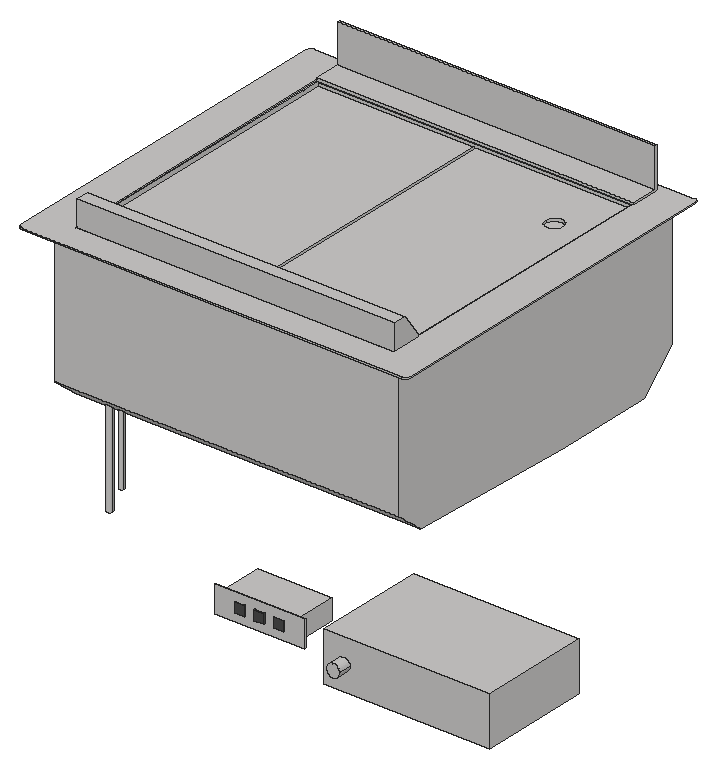
Revit family "QF_ELECTROLUXPROFESSIONAL_341098_D12R2", category Specialty Equipment, Revit 2018
Family settings
  Round Connector Dimension = Use Diameter
  Part Type = Normal
  Work Plane-Based = No
  Always vertical = Yes
  Cut with Voids When Loaded = No
  Shared = No
  Room Calculation Point = No
Parameters (values of type "Standard")
  Weight = 35.70 kg
  Watts = 0 W
  Volts = 220 V
  URL Manufacturer = "http://professional.electrolux.com"
  URL = "http://professional.electrolux.com"
  Steam Supply Size = 0 mm
  Steam Supply Minimum Pressure = 0.0 Pa
  Steam Supply Maximum Pressure = 0.0 Pa
  Steam Pounds per Hour = 0
  Show Clearance [instance] = yes
  Remote Electrical Box_Z [instance] = 200.00 mm
  Remote Electrical Box_Y [instance] = 500.00 mm
  Remote Electrical Box_X [instance] = 600.00 mm
  Refrigeration Suction Line Size = 0.042 mm
  Refrigeration Liquid Line Size = 0.031 mm
  Refrigerant Compressor Remote = yes
  Manufacturer = "Electrolux Professional"
  Phase = 1
  Model = "D12R2"
  Length Actual = 800.00 mm  # constant formula
  Item Number = "341098"
  Hot Water Size = 0 mm
  Height Actual = 390.00 mm  # constant formula
  HP = "0.1 HP"
  Gas Size = 0 mm
  Gas KW = 0
  Gas Input Pressure = 0 W
  Direct Waste Size = 25.4 mm
  Description = "DROP-IN REMOTE, REFRIGERATED WELL, VENTILATED, 2GN"
  Depth Actual = 750.00 mm  # constant formula
  Cycle = 50 Hz
  Controller_Y [instance] = 500.00 mm
  Controller_1Z [instance] = 200.00 mm
  Controller_1X [instance] = 300.00 mm
  Condensate Return Size = 0 mm
  Compressed Air Volume = 0.0 L/s
  Compressed Air Size = 0 mm
  Compressed Air Pressure = 0.0 Pa
  Cold Water Size = 0 mm
  Accessory = yes
Types (2, lengths in mm): name | Volts | URL Manufacturer | URL | Manufacturer | Phase | Model | Item Number | Description | Cycle
  341046.rfa | 0 V | "" | 0.00 | 0.00 | 0 | 0.00 | "" | 0.00 | 0 Hz
  Standard | 220 V | "http://professional.electrolux.com" | "http://professional.electrolux.com" | "Electrolux Professional" | 1 | "D12R2" | "341098" | "DROP-IN REMOTE, REFRIGERATED WELL, VENTILATED, 2GN" | 50 Hz
Reference planes
  plane 1 "Centro (Fronte/Retro)": y = 74.737
  plane 2: z = 0
  plane 3 "BACK": y = 449.737
  plane 4 "FRONT": y = -300.263
  plane 5 "RIGHT": x = -114.269
  plane 6 "LEFT": x = -914.269
  plane 7: x = -514.269
  plane 8 "TOP": z = 900
  plane 9: y = 417.737
  plane 10: y = -268.263
  plane 11: x = -160.769
  plane 12: x = -867.769
  plane 13: y = 418.957
  plane 14: y = -244.483
  plane 15: x = -840.269
  plane 16: x = -188.269
  plane 17: z = 898
  plane 18: x = -789.269
  plane 19: x = -339.269
  plane 20: x = -777.269
  plane 21: x = -351.269
  plane 22: x = -517.269
  plane 23: x = -511.269
  plane 24: x = -837.269
  plane 25: x = -191.269
  plane 26: y = -229.763
  plane 27: y = 404.237
  plane 28: z = 554
  plane 29: z = 220
  plane 30 "1": y = 258.737
  plane 31: x = -285.019
  plane 32: x = -258.269
  plane 33: y = -195.263
  plane 34: y = 344.737
  plane 35: x = -614.269
  plane 36: x = -314.269
  plane 37: y = -50.263
  plane 38: y = -50.263
  plane 39: z = 200
  plane 40: z = 200
Forms (mm)
  Extrusion 1, solid, material "QF_Finishes_Stainless Steel"
    sketch origin (0, 0, 900) x (-1, 0, 0) y (0, -1, 0)
      loop
        arc (904.269, -449.737) -> (911.34, -446.808) -> (914.269, -439.737) r 10
        line (914.269, -439.737) -> (914.269, 290.263)
        arc (914.269, 290.263) -> (911.34, 297.334) -> (904.269, 300.263) r 10
        line (904.269, 300.263) -> (124.269, 300.263)
        arc (124.269, 300.263) -> (117.198, 297.334) -> (114.269, 290.263) r 10
        line (114.269, 290.263) -> (114.269, -439.737)
        arc (114.269, -439.737) -> (117.198, -446.808) -> (124.269, -449.737) r 10
        line (124.269, -449.737) -> (904.269, -449.737)
      loop
        line (840.269, -418.957) -> (840.269, 244.483) -> (188.269, 244.483) -> (188.269, -418.957) -> (840.269, -418.957)
    from 0 to -2
  Extrusion 2, solid, material "QF_Finishes_Stainless Steel"
    sketch origin (231.731, 362.737, 0) x (0, -1, 0) y (0, 0, -1)
      loop
        line (625.5, -614.14) -> (569.68, -567.301) -> (204.019, -554) -> (-4.68, -554) -> (-74.5, -623.82) -> (-74.5, -898) -> (625.5, -898) -> (625.5, -614.14)
    from -1099.5 to -392.5
  Extrusion 3, solid, material "QF_Finishes_Stainless Steel"
    sketch origin (231.731, 362.737, 0) x (0, -1, 0) y (0, 0, -1)
      loop
        line (603, -950.5) -> (603, -898) -> (543, -898) -> (543, -905.079) -> (576, -950.5) -> (603, -950.5)
      loop
        line (-72, -983) -> (-67, -983) -> (-67, -903) -> (-12, -903) -> (-12, -898) -> (-72, -898) -> (-72, -983)
    from -1072 to -420
  Extrusion 4, void
    sketch origin (0, 0, 900) x (-1, 0, 0) y (0, -1, 0)
      loop
        line (837.269, 180.263) -> (191.269, 180.263) -> (191.269, -374.737) -> (837.269, -374.737) -> (837.269, 180.263)
    from 0 to -15
  Extrusion 5, solid, material "QF_Finishes_Stainless Steel"
    sketch origin (0, 0, 900) x (-1, 0, 0) y (0, -1, 0)
      loop
        line (517.269, -374.737) -> (837.269, -374.737) -> (837.269, 180.263) -> (517.269, 180.263) -> (517.269, -374.737)
    from -15 to -10
  Extrusion 6, solid, material "QF_Finishes_Stainless Steel"
    sketch origin (-1028.537, 0, 900) x (1, 0, 0) y (0, 1, 0)
      loop
        line (517.269, 374.737) -> (517.269, -180.263) -> (837.269, -180.263) -> (837.269, 374.737) -> (517.269, 374.737)
    from -15 to -10
  Extrusion 7, solid, material "QF_Finishes_Stainless Steel"
    sketch origin (0, 0, 900) x (-1, 0, 0) y (0, -1, 0)
      loop
        circle (258.269, -258.737) r 18
    from -346 to -391
  Extrusion 8, void
    sketch origin (0, 0, 900) x (-1, 0, 0) y (0, -1, 0)
      loop
        circle (258.269, -258.737) r 18
    from 14.206 to -364.69
  Extrusion 9, solid, material "QF_Finishes_Stainless Steel"
    sketch origin (-223, -65, 682) x (-1, 0, 0) y (0, -1, 0)
      loop
        circle (566.269, 155.263) r 6.35
    from -88 to -296
  Extrusion 10, solid, material "QF_Finishes_Stainless Steel"
    sketch origin (-298, -65, 682) x (-1, 0, 0) y (0, -1, 0)
      loop
        circle (466.269, 155.263) r 4.76
    from -88 to -246
Cuts and joins
  Extrusion 4 cuts Extrusion 3
  Extrusion 4 cuts Extrusion 2
  Extrusion 8 cuts Extrusion 6
Lines and regions (mm)
  symbolic lines
    curve 1: line (-124.269, 449.737, 900) -> (-904.269, 449.737, 900)
    curve 2: arc (-904.269, 449.737, 900) -> (-911.34, 446.808, 900) -> (-914.269, 439.737, 900) r 10
    curve 3: line (-914.269, 439.737, 900) -> (-914.269, -290.263, 900)
    curve 4: arc (-914.269, -290.263, 900) -> (-911.34, -297.334, 900) -> (-904.269, -300.263, 900) r 10
    curve 5: line (-904.269, -300.263, 900) -> (-124.269, -300.263, 900)
    curve 6: arc (-124.269, -300.263, 900) -> (-117.198, -297.334, 900) -> (-114.269, -290.263, 900) r 10
    curve 7: line (-114.269, -290.263, 900) -> (-114.269, 439.737, 900)
    curve 8: arc (-114.269, 439.737, 900) -> (-117.198, 446.808, 900) -> (-124.269, 449.737, 900) r 10
    curve 9: line (-840.269, 434.737, 900) -> (-188.269, 434.737, 900)
    curve 10: line (-188.269, 434.737, 900) -> (-188.269, -244.483, 900)
    curve 11: line (-188.269, -244.483, 900) -> (-840.269, -244.483, 900)
    curve 12: line (-840.269, -244.483, 900) -> (-840.269, 434.737, 900)
    curve 13: line (-188.269, 429.737, 900) -> (-840.269, 429.737, 900)
    curve 14: line (-840.269, 374.737, 900) -> (-188.269, 374.737, 900)
    curve 15: line (-188.269, -180.263, 900) -> (-840.269, -180.263, 900)
    curve 16: line (-188.269, -213.263, 900) -> (-840.269, -213.263, 900)
    curve 17: line (-840.269, -240.263, 900) -> (-188.269, -240.263, 900)
    curve 18: line (-517.269, -180.263, 900) -> (-517.269, 374.737, 900)
    curve 19: line (-511.269, 374.737, 900) -> (-511.269, -180.263, 900)
    curve 20: line (-837.269, 374.737, 900) -> (-837.269, -180.263, 900)
    curve 21: line (-191.269, -180.263, 900) -> (-191.269, 374.737, 900)
    curve 22: arc (-276.269, 258.737, 900) -> (-258.269, 240.737, 900) -> (-240.269, 258.737, 900) r 18
    curve 23: arc (-240.269, 258.737, 900) -> (-258.269, 276.737, 900) -> (-276.269, 258.737, 900) r 18
  symbolic lines, style "SpecialityEquipmentHiddenLines"
    curve 24: line (-789.269, 344.737, 900) -> (-339.269, 344.737, 900)
    curve 25: line (-789.269, -195.263, 900) -> (-789.269, 344.737, 900)
    curve 26: line (-339.269, -195.263, 900) -> (-789.269, -195.263, 900)
    curve 27: line (-339.269, 344.737, 900) -> (-339.269, -195.263, 900)
    curve 28: line (-867.769, 437.237, 900) -> (-867.769, -262.763, 900)
    curve 29: line (-867.769, -262.763, 900) -> (-160.769, -262.763, 900)
    curve 30: line (-160.769, -262.763, 900) -> (-160.769, 437.237, 900)
    curve 31: line (-160.769, 437.237, 900) -> (-867.769, 437.237, 900)
Dimensions and locks
  plane 6 "LEFT" to plane 5 "RIGHT" = 800.00 mm
  equal spacing: plane 3 "BACK", plane 1 "Centro (Fronte/Retro)", plane 4 "FRONT"
  plane 3 "BACK" to plane 4 "FRONT" = 750.00 mm
  equal spacing: plane 6 "LEFT", plane 7, plane 5 "RIGHT"
  locked: plane 8 "TOP" to plane 2 at 900
  locked: plane 6 "LEFT" to plane 12 at 46.5
  locked: plane 11 to plane 5 "RIGHT" at 46.5
  locked: plane 3 "BACK" to plane 9 at 32
  locked: plane 10 to plane 4 "FRONT" at 32
  locked: plane 3 "BACK" to plane 13 at 30.78
  locked: plane 14 to plane 4 "FRONT" at 55.78
  plane 6 "LEFT" to plane 15 = 74.00 mm
  plane 16 to plane 5 "RIGHT" = 74.00 mm
  locked: plane 8 "TOP" to plane 17 at 2
  plane 19 to plane 18 = 450.00 mm
  locked: plane 20 to plane 18 at 12
  locked: plane 19 to plane 21 at 12
  locked: plane 22 to plane 23 at 6
  locked: plane 15 to plane 24 at 3
  locked: plane 25 to plane 16 at 3
  plane 19 to plane 7 to plane 18 = 175.00 mm, 275.00 mm
  plane 8 "TOP" to plane 28 = 346.00 mm
  plane 8 "TOP" to plane 29 = 680.00 mm
  plane 15 to plane 16 = 652.00 mm
  plane 18 to plane 6 "LEFT" = 125.00 mm
  plane 8 "TOP" to Extrusion 7 = 391.00 mm
  equal spacing: plane 33, plane 1 "Centro (Fronte/Retro)", plane 34
  plane 33 to plane 34 = 540.00 mm
  plane 28 to plane 29 = 334.00 mm
  "Controller_Y": plane 3 "BACK" to plane 38
  "Remote Electrical Box_Y": plane 3 "BACK" to plane 37
  "Controller_1X": plane 6 "LEFT" to plane 35
  "Remote Electrical Box_X": plane 6 "LEFT" to plane 36
  "Controller_1Z": plane 39 to plane 2
  "Remote Electrical Box_Z": plane 40 to plane 2
  aligned and locked: level to plane 2
  aligned and locked: Extrusion 1 sketch curve to plane 3 "BACK"
  aligned and locked: plane 6 "LEFT" to Extrusion 1 sketch curve
  aligned and locked: plane 4 "FRONT" to Extrusion 1 sketch curve
  aligned and locked: Extrusion 1 sketch curve to plane 5 "RIGHT"
  aligned and locked: Extrusion 1 sketch curve to plane 13
  aligned and locked: plane 15 to Extrusion 1 sketch curve
  aligned and locked: plane 14 to Extrusion 1 sketch curve
  aligned and locked: Extrusion 1 sketch curve to plane 16
  aligned and locked: Extrusion 1 to plane 17
  aligned and locked: Extrusion 1 to Extrusion 2 sketch curve
  aligned and locked: plane 11 to Extrusion 2
  aligned and locked: Extrusion 3 to Extrusion 1  (x2)
  aligned and locked: Extrusion 4 sketch curve to cut or joined group of Extrusion 3, Extrusion 4
  aligned and locked: Extrusion 4 sketch curve to plane 24
  aligned and locked: plane 25 to Extrusion 4 sketch curve
  aligned and locked: plane 22 to Extrusion 5 sketch curve
  aligned and locked: Extrusion 5 sketch curve to cut or joined group of Extrusion 2, Extrusion 4  (x2)
  aligned and locked: Extrusion 1 to Extrusion 3  (x2)
  aligned and locked: plane 28 to cut or joined group of Extrusion 2, Extrusion 4
  aligned and locked: Extrusion 2 to plane 12
  aligned and locked: plane 35 to nested 1
  aligned and locked: plane 36 to nested 2
  aligned and locked: plane 37 to nested 2
  aligned and locked: nested 1 to plane 38
  aligned and locked: plane 40 to nested 2
  aligned and locked: nested 1 to plane 39
Automatic sketch dimensions
  Extrusion 1 sketch curve to plane 5 "RIGHT" = 10.00 mm
  Extrusion 1 sketch curve to plane 3 "BACK" = 10.00 mm  (x2)
  Extrusion 1 sketch curve to Extrusion 1 sketch curve = 10.00 mm
  Extrusion 2 sketch curve to plane 3 "BACK" = 12.50 mm
  Extrusion 2 sketch curve to plane 1 "Centro (Fronte/Retro)" = 83.981 mm
  plane 10 to Extrusion 2 sketch curve = 5.50 mm
  Extrusion 6 sketch curve to plane 23 = 0.00 mm
  Extrusion 6 sketch curve to plane 25 = 0.00 mm
  plane 14 to Extrusion 2 sketch curve = 37.54 mm
  Extrusion 6 sketch curve to plane 14 = 64.22 mm
  Extrusion 2 sketch curve to plane 9 = 50.32 mm
  plane 9 to Extrusion 6 sketch curve = 43.00 mm
  Extrusion 2 sketch curve to Extrusion 2 sketch curve = 46.839 mm
  Extrusion 2 sketch curve to plane 17 = 283.86 mm
  Extrusion 2 sketch curve to plane 17 = 274.18 mm
  Extrusion 2 sketch curve to Extrusion 2 sketch curve = 69.82 mm
  Extrusion 3 sketch curve to plane 17 = 0.00 mm  (x2)
  Extrusion 3 sketch curve to plane 3 "BACK" = 15.00 mm
  Extrusion 3 sketch curve to Extrusion 3 sketch curve = 5.00 mm
  plane 8 "TOP" to Extrusion 3 sketch curve = 3.00 mm
  plane 27 to Extrusion 3 sketch curve = 29.50 mm
  plane 26 to Extrusion 3 sketch curve = 49.50 mm
  plane 26 to Extrusion 3 sketch curve = 16.50 mm
  plane 14 to Extrusion 3 sketch curve = 4.22 mm
  plane 8 "TOP" to Extrusion 3 sketch curve = 50.50 mm
  Extrusion 3 sketch curve to Extrusion 3 sketch curve = 80.00 mm
  plane 8 "TOP" to Extrusion 3 sketch curve = 5.079 mm
  plane 27 to Extrusion 4 sketch curve = 29.50 mm
  plane 27 to Extrusion 5 sketch curve = 29.50 mm
  Extrusion 7 sketch curve to plane 30 "1" = 0.00 mm
  Extrusion 7 sketch curve to plane 32 = 0.00 mm
  Extrusion 8 sketch curve to plane 30 "1" = 0.00 mm
  Extrusion 8 sketch curve to plane 32 = 0.00 mm
  curve 8 to plane 5 "RIGHT" = 0.00 mm
  curve 1 to plane 3 "BACK" = 0.00 mm
  curve 6 to plane 4 "FRONT" = 0.00 mm
  curve 29 to plane 11 = 0.00 mm
  curve 21 to plane 25 = 0.00 mm
  curve 22 to plane 30 "1" = 0.00 mm
  curve 22 to plane 32 = 0.00 mm
  curve 24 to plane 19 = 0.00 mm
  curve 19 to plane 23 = 0.00 mm
  curve 18 to plane 22 = 0.00 mm
  curve 25 to plane 18 = 0.00 mm
  curve 20 to plane 24 = 0.00 mm
  curve 14 to plane 15 = 0.00 mm
  curve 3 to plane 6 "LEFT" = 0.00 mm
  curve 25 to plane 34 = 0.00 mm
  curve 25 to plane 33 = 0.00 mm
  curve 10 to plane 14 = 0.00 mm
  curve 8 to curve 8 = 10.00 mm
  plane 4 "FRONT" to curve 6 = 10.00 mm
  curve 28 to plane 12 = 0.00 mm
  plane 6 "LEFT" to curve 5 = 10.00 mm
  curve 2 to curve 2 = 10.00 mm
  curve 28 to plane 3 "BACK" = 12.50 mm
  curve 9 to plane 3 "BACK" = 15.00 mm
  plane 10 to curve 29 = 5.50 mm
  plane 32 to curve 22 = 18.00 mm
  curve 9 to curve 13 = 5.00 mm
  plane 33 to curve 21 = 15.00 mm
  plane 26 to curve 16 = 16.50 mm
  plane 14 to curve 17 = 4.22 mm
  curve 13 to plane 16 = 0.00 mm
  plane 27 to curve 21 = 29.50 mm
  Extrusion 9 sketch curve to plane 18 = 0.00 mm
  plane 26 to Extrusion 9 sketch curve = 9.50 mm
  plane 20 to Extrusion 10 sketch curve = 13.00 mm
  plane 26 to Extrusion 10 sketch curve = 9.50 mm
  radius of Extrusion 7 sketch curve = 18.00 mm
  radius of Extrusion 8 sketch curve = 18.00 mm
  radius of Extrusion 9 sketch curve = 6.35 mm
  radius of Extrusion 10 sketch curve = 4.76 mm
Nested families
  nested 1: "Controller" at (-614.269, -50.263, 200), type "Controller"
  nested 2: "Remote_Electrical_Box" at (-314.269, 64.737, 100), type "Remote_Electrical_Box"
  nested 3: "Refrigerator" at (-294.269, -110.263, 900), type "Refrigerator"
Connectors
  piping at (-258.269, 258.737, 509), diameter 36
    settings: on Extrusion 7, index 1, connector inside diameter 609.6 mm, connector length 0.00 mm, flow factor 0, pipe flow 0.0 L/s, pressure drop 0.0 Pa, fitting loss kfactor 0, connector angle 0.00°, fixture units 0, engagement length 0.00 mm, angle of deflection 0.00°, flow configuration 1, flow direction 1, fitting loss method 0, system type 16, joint type 0, gender type 0, connector reference index -1, connector utility 0, adjustable connector no, is connector primary yes, connector description "Drain"
  electrical at (-444.269, -77.263, 149.381)
    settings: on nested 2, index 2, voltage 0 V, apparent load 0 VA, apparent load phase1 0 VA, apparent load phase2 0 VA, apparent load phase3 0 VA, power factor 1, load classification "Altro", number of poles 1, system type 14, power factor state 1, is connector primary yes, connector utility no, sub classification motor no, connector description ""
  piping at (-789.269, -220.263, 386), diameter 12.7
    settings: on Extrusion 9, index 16, connector inside diameter 609.6 mm, connector length 0.00 mm, flow factor 0, pipe flow 0.0 L/s, pressure drop 0.0 Pa, fitting loss kfactor 0, connector angle 0.00°, fixture units 0, engagement length 0.00 mm, angle of deflection 0.00°, flow configuration 1, flow direction 1, fitting loss method 0, system type 22, joint type 0, gender type 0, connector reference index -1, connector utility 0, adjustable connector no, is connector primary no, connector description ""
  piping at (-764.269, -220.263, 436), diameter 9.52
    settings: on Extrusion 10, index 17, connector inside diameter 609.6 mm, connector length 0.00 mm, flow factor 0, pipe flow 0.0 L/s, pressure drop 0.0 Pa, fitting loss kfactor 0, connector angle 0.00°, fixture units 0, engagement length 0.00 mm, angle of deflection 0.00°, flow configuration 1, flow direction 1, fitting loss method 0, system type 23, joint type 0, gender type 0, connector reference index -1, connector utility 0, adjustable connector no, is connector primary no, connector description ""
Definition of nested family "Controller"
  Reference planes
    plane 1 "Center (Front/Back)": y = 0
    plane 2: z = 0
    plane 3 "Center (Left/Right)": x = 0
  Forms (mm)
    Extrusion 1, solid
      sketch origin (0, 44.769, -48.2) x (1, 0, 0) y (0, 1, 0)
        loop
          line (-76, 43.231) -> (-76, -47.65) -> (76, -47.65) -> (76, 43.231) -> (-76, 43.231)
      from 6.2 to 48.2
    Extrusion 2, solid
      sketch origin (0, 44.769, -48.2) x (1, 0, 0) y (0, 0, 1)
        loop
          line (-92.25, 54.4) -> (-92.25, 0) -> (92.25, 0) -> (92.25, 54.4) -> (-92.25, 54.4)
        loop
          line (-76, 48.2) -> (-76, 6.2) -> (76, 6.2) -> (76, 48.2) -> (-76, 48.2)
      from 44.769 to 47.65
    Extrusion 3, solid
      sketch origin (76, -2.881, -48.2) x (-1, 0, 0) y (0, 0, -1)
        loop
          line (106, -37.2) -> (126, -37.2) -> (126, -17.2) -> (106, -17.2) -> (106, -37.2)
        loop
          line (66, -37.2) -> (86, -37.2) -> (86, -17.2) -> (66, -17.2) -> (66, -37.2)
        loop
          line (26, -37.2) -> (46, -37.2) -> (46, -17.2) -> (26, -17.2) -> (26, -37.2)
      from 0 to 2
    Extrusion 4, void
      sketch origin (0, 0, 0) x (1, 0, 0) y (0, 1, 0)
        loop
          line (76, 88) -> (-76, 88) -> (-76, 0) -> (76, 0) -> (76, 88)
      from 0 to -42
  Cuts and joins
    Extrusion 4 cuts Extrusion 2
    joined: Extrusion 1, Extrusion 2
  Lines and regions (mm)
    symbolic lines
      curve 1: line (-76, 88, 0) -> (-76, 0, 0)
      curve 2: line (76, 88, 0) -> (-76, 88, 0)
      curve 3: line (76, 0, 0) -> (76, 88, 0)
      curve 4: line (-92.25, -2.881, 0) -> (92.25, -2.881, 0)
      curve 5: line (-92.25, 0, 0) -> (-92.25, -2.881, 0)
      curve 6: line (92.25, 0, 0) -> (-92.25, 0, 0)
      curve 7: line (92.25, -2.881, 0) -> (92.25, 0, 0)
  Dimensions and locks
    aligned and locked: level to plane 2
Definition of nested family "Remote_Electrical_Box"
  Parameters (values of type "Remote_Electrical_Box")
    Default Elevation = 1219.20 mm
  Reference planes
    plane 1 "Center (Front/Back)": y = 0
    plane 2: z = 0
    plane 3 "Center (Left/Right)": x = 0
    plane 4: x = -170
    plane 5: x = 170
    plane 6: y = 115
    plane 7: y = -115
    plane 8: z = 100
    plane 9: z = 50
  Forms (mm)
    Extrusion 1, solid
      sketch origin (0, 0, 0) x (1, 0, 0) y (0, 1, 0)
        loop
          line (-170, 115) -> (-170, -115) -> (170, -115) -> (170, 115) -> (-170, 115)
      from 0 to 100
    Extrusion 2, solid
      sketch origin (0, 0, 0) x (1, 0, 0) y (0, 0, 1)
        loop
          circle (-130, 49.381) r 13
      from 115 to 142
  Lines and regions (mm)
    symbolic lines
      curve 1: line (-170, 115, 0) -> (170, 115, 0)
      curve 2: line (-170, -115, 0) -> (-170, 115, 0)
      curve 3: line (170, -115, 0) -> (-170, -115, 0)
      curve 4: line (170, 115, 0) -> (170, -115, 0)
      curve 5: line (-143, -142, 0) -> (-117, -142, 0)
      curve 6: line (-143, -142, 0) -> (-143, -115, 0)
      curve 7: line (-117, -142, 0) -> (-117, -115, 0)
  Dimensions and locks
    equal spacing: plane 4, plane 3 "Center (Left/Right)", plane 5
    equal spacing: plane 6, plane 1 "Center (Front/Back)", plane 7
    plane 4 to plane 5 = 340.00 mm
    plane 6 to plane 7 = 230.00 mm
    Extrusion 1 to Extrusion 2 sketch curve = 40.00 mm
    equal spacing: plane 8, plane 9, plane 2
    aligned and locked: level to plane 2
    aligned and locked: Extrusion 1 sketch curve to plane 6
    aligned and locked: plane 4 to Extrusion 1 sketch curve
    aligned and locked: plane 7 to Extrusion 1 sketch curve
    aligned and locked: Extrusion 1 sketch curve to plane 5
    aligned and locked: plane 7 to Extrusion 2
    aligned and locked: plane 8 to Extrusion 1
  Automatic sketch dimensions
    level to Extrusion 2 sketch curve = 49.381 mm
    curve 3 to plane 4 = 0.00 mm
    curve 7 to plane 7 = 0.00 mm
    curve 3 to plane 5 = 0.00 mm
    curve 2 to plane 6 = 0.00 mm
    plane 4 to curve 6 = 27.00 mm
    curve 5 to curve 6 = 27.00 mm
    curve 6 to curve 7 = 26.00 mm
    radius of Extrusion 2 sketch curve = 13.00 mm
Definition of nested family "Refrigerator"
  Reference planes
    plane 1 "Center (Front/Back)": y = 0
    plane 2: z = 0
    plane 3 "Center (Left/Right)": x = 0
  Lines and regions (mm)
    detail lines, in view "Ref. Level"
      curve 1: line (0, -60, 0) -> (0, 60, 0)
      curve 2: line (-51.962, 30, 0) -> (51.962, -30, 0)
      curve 3: line (-51.962, -30, 0) -> (51.962, 30, 0)
      curve 4: line (19.116, 56.873, 0) -> (0, 35, 0)
      curve 5: line (0, 35, 0) -> (-19.116, 56.873, 0)
      curve 6: line (-30.311, 17.5, 0) -> (-40, 45.883, 0)
      curve 7: line (-59.736, 11.7, 0) -> (-30.311, 17.5, 0)
      curve 8: line (-30.311, -17.5, 0) -> (-59.736, -11.7, 0)
      curve 9: line (-40, -45.883, 0) -> (-30.311, -17.5, 0)
      curve 10: line (0, -35, 0) -> (-19.116, -56.873, 0)
      curve 11: line (19.116, -56.873, 0) -> (0, -35, 0)
      curve 12: line (30.311, -17.5, 0) -> (39.696, -44.992, 0)
      curve 13: line (58.812, -11.882, 0) -> (30.311, -17.5, 0)
      curve 14: line (30.311, 17.5, 0) -> (58.812, 11.882, 0)
      curve 15: line (39.696, 44.992, 0) -> (30.311, 17.5, 0)
